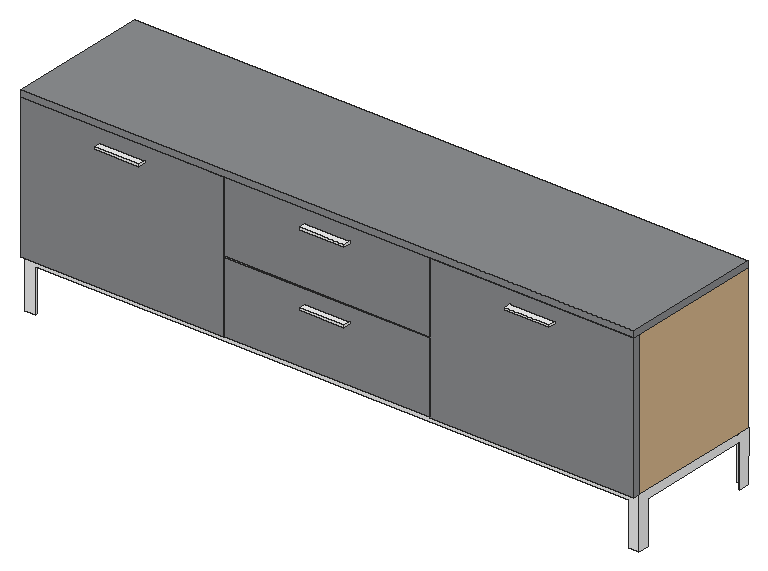
Revit family "RYN_FUR_ChestofDrawers - 4 Doors", category Furniture, Revit 2025
Family settings
  Work Plane-Based = No
  Enable Cutting in Views = No
  Always vertical = Yes
  Cut with Voids When Loaded = No
  Render Appearance Source = Family Geometry
  Shared = No
  Room Calculation Point = No
Parameters (values of type "L1800 x W400 mm")
  Profondità = 400 mm
  Manufacturer = "Revit"
  Piedi Visibili [instance] = yes
  Materiale Maniglie = Metallo - Alluminio
  Materiale Lati = Legno - Betulla
  Materiale = Smalto - Grigio
  Larghezza = 1800 mm
  Default Elevation = 0 mm
Reference planes
  plane 1 "Center (Front/Back)": y = 0
  plane 2: z = 0
  plane 3 "Center (Left/Right)": x = -100
  plane 4: y = -400
  plane 5: x = -1000
  plane 6: x = 800
  plane 7: x = -400
  plane 8: x = 200
  plane 9: z = 360
  plane 10: z = 530
Forms (mm)
  Extrusion 1, solid, material "Legno - Betulla" <- "Materiale Lati"
    sketch origin (0, 0, 150) x (1, 0, 0) y (0, 1, 0)
      loop
        line (-1000, 0) -> (-1000, -400) -> (800, -400) -> (800, 0) -> (-1000, 0)
    from 0 to 20
  Extrusion 2, solid, material "Legno - Betulla" <- "Materiale Lati"
    sketch origin (0, 0, 170) x (1, 0, 0) y (0, 1, 0)
      loop
        line (-1000, 0) -> (-1000, -400) -> (-980, -400) -> (-980, -20) -> (780, -20) -> (780, -400) -> (800, -400) -> (800, 0) -> (-1000, 0)
    from 0 to 400
  Extrusion 3, solid, material "Smalto - Grigio" <- "Materiale"
    sketch origin (0, 0, 570) x (1, 0, 0) y (0, 1, 0)
      loop
        line (-1000, 0) -> (-1000, -418) -> (800, -418) -> (800, 0) -> (-1000, 0)
    from 0 to 18
  Extrusion 4, solid, material "Smalto - Grigio" <- "Materiale"
    sketch origin (-1000, -400, 170) x (0, 0, -1) y (1, 0, 0)
      loop
        line (20, 0) -> (20, 598) -> (-400, 598) -> (-400, 0) -> (20, 0)
      loop
        line (20, 1800) -> (-400, 1800) -> (-400, 1202) -> (20, 1202) -> (20, 1800)
      loop
        line (20, 600) -> (20, 1200) -> (-188, 1200) -> (-188, 600) -> (20, 600)
      loop
        line (-400, 600) -> (-192, 600) -> (-192, 1200) -> (-400, 1200) -> (-400, 600)
    from 0 to 18
Cuts and joins
  joined: Extrusion 1, Extrusion 2
Lines and regions (mm)
  symbolic lines
    curve 1: line (800, 0, 0) -> (-1000, 0, 0)
    curve 2: line (-1000, 0, 0) -> (-1000, -418, 0)
    curve 3: line (-1000, -418, 0) -> (800, -418, 0)
    curve 4: line (800, -418, 0) -> (800, 0, 0)
    curve 5: line (436, -418, 0) -> (436, -438, 0)
    curve 6: line (436, -438, 0) -> (566, -438, 0)
    curve 7: line (566, -438, 0) -> (566, -418, 0)
    curve 8: line (-165, -418, 0) -> (-165, -438, 0)
    curve 9: line (-165, -438, 0) -> (-35, -438, 0)
    curve 10: line (-35, -438, 0) -> (-35, -418, 0)
    curve 11: line (-766, -418, 0) -> (-766, -438, 0)
    curve 12: line (-766, -438, 0) -> (-636, -438, 0)
    curve 13: line (-636, -438, 0) -> (-636, -418, 0)
Dimensions and locks
  "Profondità": plane 4 to plane 1 "Center (Front/Back)"
  "Larghezza": plane 5 to plane 6
  plane 5 to plane 6 = 1800 mm
  locked: Extrusion 2 sketch curve to Extrusion 2 sketch curve at 20  (x3)
  equal spacing: plane 5, plane 7, plane 8, plane 6
  locked: Extrusion 4 sketch curve to Extrusion 4 sketch curve at 2  (x2)
  equal spacing: plane 5, nested 2, Extrusion 4
  equal spacing: Extrusion 4, nested 4, plane 6
  equal spacing: Extrusion 4, nested 3, Extrusion 4
  equal spacing: Extrusion 4, nested 5, Extrusion 4
  equal spacing: Extrusion 3, plane 9, Extrusion 1
  equal spacing: plane 5, plane 3 "Center (Left/Right)", plane 6
  aligned and locked: plane 5 to Extrusion 1 sketch curve
  aligned and locked: plane 6 to Extrusion 1 sketch curve
  aligned and locked: Extrusion 2 sketch curve to Extrusion 1  (x2)
  aligned and locked: Extrusion 1 to Extrusion 2 sketch curve
  aligned and locked: Extrusion 3 to Extrusion 4
  aligned and locked: Extrusion 1 sketch curve to plane 5
  aligned and locked: Extrusion 3 sketch curve to plane 5
  aligned and locked: plane 6 to Extrusion 3 sketch curve
  aligned and locked: plane 8 to Extrusion 4 sketch curve
  aligned and locked: Extrusion 4 sketch curve to plane 7
  aligned and locked: plane 6 to Extrusion 4 sketch curve
  aligned and locked: plane 5 to Extrusion 4 sketch curve
  aligned and locked: Extrusion 3 to nested 2
  aligned and locked: Extrusion 3 to nested 3
  aligned and locked: Extrusion 3 to nested 4
  aligned and locked: Extrusion 4 to nested 5
  aligned and locked: nested 1 to plane 6
  aligned and locked: nested 1 to plane 1 "Center (Front/Back)"
Automatic sketch dimensions
  curve 2 to curve 11 = 234 mm
  plane 4 to curve 13 = 38 mm
  curve 11 to curve 13 = 130 mm
  curve 9 to plane 3 "Center (Left/Right)" = 65 mm
  plane 3 "Center (Left/Right)" to curve 9 = 65 mm
  plane 4 to curve 5 = 38 mm
  curve 5 to curve 7 = 130 mm
  curve 10 to curve 10 = 20 mm
  Extrusion 1 sketch curve to plane 4 = 0 mm
  Extrusion 1 sketch curve to plane 1 "Center (Front/Back)" = 0 mm
  Extrusion 2 sketch curve to plane 4 = 0 mm  (x2)
  Extrusion 3 sketch curve to plane 1 "Center (Front/Back)" = 0 mm
  plane 4 to Extrusion 3 sketch curve = 18 mm
  curve 1 to plane 1 "Center (Front/Back)" = 0 mm
  curve 1 to plane 5 = 0 mm
  curve 4 to plane 6 = 0 mm
  plane 6 to curve 6 = 364 mm
  plane 4 to curve 10 = 38 mm
  Extrusion 4 sketch curve to plane 8 = 0 mm
  Extrusion 4 sketch curve to plane 7 = 0 mm
  Extrusion 4 sketch curve to plane 10 = 40 mm  (x3)
  Extrusion 4 sketch curve to plane 9 = 2 mm
  plane 9 to Extrusion 4 sketch curve = 2 mm
  level to Extrusion 4 sketch curve = 150 mm  (x2)
  Extrusion 4 sketch curve to Extrusion 4 sketch curve = 0 mm
Nested families
  nested 1: "IT_Piedi Cassettiere" at (-100, -200, 0), visible <- "Piedi Visibili", type "IT_Piedi Cassettiere"
    with Larghezza 1800 mm
  nested 2: "IT_Maniglia" at (-701, -418, 524), type "130 x 20 mm", detail levels medium+fine
  nested 3: "IT_Maniglia" at (-100, -418, 524), type "130 x 20 mm", detail levels medium+fine
  nested 4: "IT_Maniglia" at (501, -418, 524), type "130 x 20 mm", detail levels medium+fine
  nested 5: "IT_Maniglia" at (-100, -418, 312), type "130 x 20 mm", detail levels medium+fine
Definition of nested family "IT_Piedi Cassettiere"
  Parameters
    Manufacturer = "Revit"
    Materiale = none
    Lunghezza = 400 mm
    Larghezza = 1200 mm
    Default Elevation = 0 mm
  Reference planes
    plane 1 "Center (Front/Back)": y = 0
    plane 2: z = 0
    plane 3 "Center (Left/Right)": x = 0
    plane 4: x = -600
    plane 5: x = 600
    plane 6: y = 200
    plane 7: y = -200
  Forms (mm)
    Extrusion 1, solid, material <- "Materiale"
      sketch origin (0, 0, 0) x (1, 0, 0) y (0, 1, 0)
        loop
          line (-600, 200) -> (-600, 170) -> (-595, 170) -> (-595, 195) -> (-570, 195) -> (-570, 200) -> (-600, 200)
        loop
          line (600, 200) -> (570, 200) -> (570, 195) -> (595, 195) -> (595, 170) -> (600, 170) -> (600, 200)
        loop
          line (-600, -200) -> (-570, -200) -> (-570, -195) -> (-595, -195) -> (-595, -170) -> (-600, -170) -> (-600, -200)
        loop
          line (600, -200) -> (600, -170) -> (595, -170) -> (595, -195) -> (570, -195) -> (570, -200) -> (600, -200)
      from 0 to 150
    Extrusion 2, solid, material <- "Materiale"
      sketch origin (0, 0, 0) x (1, 0, 0) y (0, 1, 0)
        loop
          line (-600, 170) -> (-600, -170) -> (-595, -170) -> (-595, 170) -> (-600, 170)
        loop
          line (595, 170) -> (595, -170) -> (600, -170) -> (600, 170) -> (595, 170)
        loop
          line (570, 200) -> (-570, 200) -> (-570, 195) -> (570, 195) -> (570, 200)
        loop
          line (570, -195) -> (-570, -195) -> (-570, -200) -> (570, -200) -> (570, -195)
      from 125 to 150
  Cuts and joins
    joined: Extrusion 1, Extrusion 2
  Dimensions and locks
    locked: Extrusion 1 sketch curve to Extrusion 1 sketch curve at 30  (x8)
    locked: Extrusion 1 sketch curve to Extrusion 1 sketch curve at 5  (x8)
    equal spacing: plane 4, plane 3 "Center (Left/Right)", plane 5
    "Larghezza": plane 4 to plane 5
    "Lunghezza": plane 7 to plane 6
    equal spacing: plane 7, plane 1 "Center (Front/Back)", plane 6
    aligned and locked: plane 4 to Extrusion 1
    aligned and locked: plane 6 to Extrusion 1
    aligned and locked: Extrusion 1 to plane 7
    aligned and locked: plane 5 to Extrusion 1
    aligned and locked: Extrusion 1 sketch curve to plane 6
    aligned and locked: Extrusion 1 sketch curve to plane 5
    aligned and locked: plane 5 to Extrusion 1 sketch curve
    aligned and locked: Extrusion 1 sketch curve to plane 7  (x2)
    aligned and locked: plane 4 to Extrusion 1 sketch curve
    aligned and locked: Extrusion 1 to Extrusion 2 sketch curve  (x6)
    aligned and locked: Extrusion 2 sketch curve to Extrusion 1  (x10)
  Automatic sketch dimensions
    Extrusion 1 sketch curve to plane 4 = 0 mm
    Extrusion 1 sketch curve to plane 6 = 0 mm
Definition of nested family "IT_Maniglia"
  Parameters
    Manufacturer = "Revit"
    Materiale = none
    Default Elevation = 0 mm
  Reference planes
    plane 1 "Center (Front/Back)": y = 0
    plane 2: z = 0
    plane 3 "Center (Left/Right)": x = 0
    plane 4: x = 0
  Forms (mm)
    Extrusion 1, solid, material <- "Materiale"
      sketch origin (606.104, 622.846, 0) x (1, 0, 0) y (0, 1, 0)
        loop
          line (-671.104, -622.846) -> (-671.104, -642.846) -> (-541.104, -642.846) -> (-541.104, -622.846) -> (-671.104, -622.846)
      from 0 to 6
  Dimensions and locks
    locked: Extrusion 1 sketch curve to Extrusion 1 sketch curve at 20
    locked: Extrusion 1 sketch curve to Extrusion 1 sketch curve at 130
